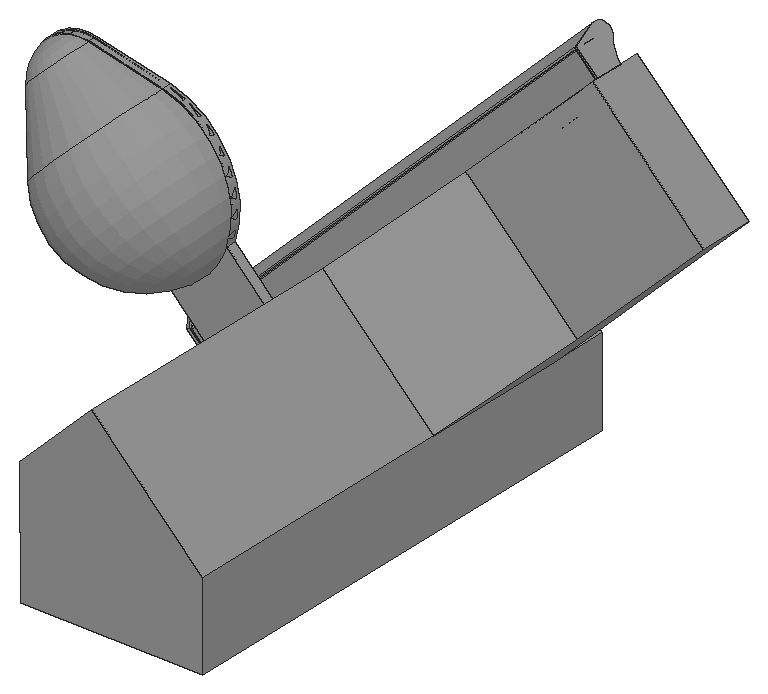
Revit family "Combination-Willoughby-ECW-1545-L-ON", category Plumbing Fixtures, Revit 2015
Parameters (values of type "Standard")
  Waste DIA [instance] = 2 3/8"
  Waste Connection = yes
  Waste-RAD [instance] = Waste DIA / 2  # 0' - 1 3/16"
  URL = "https://www.willoughby-ind.com/wp-content/uploads/2017/09/1545.pdf"
  Type Comments = ""
  Revision = "A"
  Flush Inlet Connection = yes
  Model = "ECW-1545-L-ON"
  Manufacturer = "Willoughby Industries"
  Left = yes
  Lav Waste DIA [instance] = 1 1/2"
  LAV Waste-RAD [instance] = Lav Waste DIA / 2  # 0' - 0 3/4"
  HW Connection = no
  Flush inlet DIA [instance] = 1 1/2"
  Flush Inlet-RAD [instance] = Flush inlet DIA / 2  # 0' - 0 3/4"
  Fixture Body = Stainless Steel AISI 304-Willoughby
  Description = "1545 Left Hand Orientation, Wall toilet waste outlet, On floor mounted"
  Default Elevation = 0' - 0"
  Contact Number = "(800) 428-4065"
  CW Connection = no
Reference planes (in)
  plane 1 "Center (Front/Back)": y = -16.25
  plane 2: z = 0
  plane 3 "Waste CL": x = 0
  plane 4 "Base": y = -16.25
  plane 5 "Seat height": y = 1.75
  plane 6 "Waste Hieght": y = -4.75
  plane 7 "Lwaste ht": y = 8
  plane 8 "flush inlet HT": y = 4.25
  plane 9 "Waste center": x = 0
  plane 10 "Fixture Height": y = 21.75
  plane 11: through (-5.56326, 0, 8.31174) normal (0.7071, 0, 0.7071)
  plane 12: through (-18.88655, 0, 21.63503) normal (0.7071, 0, 0.7071)
  plane 13: through (-11.21677, 0, 22.4617) normal (-0.7071, 0, 0.7071)
  plane 14: through (-17.12138, 0, 16.55709) normal (-0.7071, 0, 0.7071)
  plane 15: through (1.5625, 0, 6.3125) normal (0.7071, 0, -0.7071)
  plane 16: y = 16.75
  plane 17: y = 16.75
  plane 18 "Flush Inlet": x = 3.50178
  plane 19 "Center/LAV Waste": x = -1.37322
  plane 20: x = 6.12678
  plane 21: x = -8.87322
  plane 22 "Waste": x = -0.37322
Forms (in)
  Extrusion 1, solid, material "Stainless Steel AISI 304-Willoughby" <- "Fixture Body"
    sketch origin (1.68458, 10.5, 3.33616) x (-0.707107, 0, -0.707107) y (0.707107, 0, -0.707107)
      loop
        line (2.73402, -12.45225) -> (-3.39098, -12.45225) -> (-3.39098, -16.56851)
        arc (-3.39098, -16.56851) -> (-7.03711, -20.86448) -> (-6.33638, -26.45542) r 7
        line (-6.33638, -26.45542) -> (-3.2944, -31.31054)
        arc (-3.2944, -31.31054) -> (-0.32848, -32.95225) -> (2.63745, -31.31054) r 3.5
        line (2.63745, -31.31054) -> (5.67942, -26.45542)
        arc (5.67942, -26.45542) -> (6.38016, -20.86448) -> (2.73402, -16.56851) r 7
        line (2.73402, -16.56851) -> (2.73402, -12.45225)
      loop
        arc (3.91366, -24.70557) -> (-0.32848, -18.23804) -> (-4.57061, -24.70557) r 4.625
        line (-4.57061, -24.70557) -> (-2.16748, -30.23842)
        arc (-2.16748, -30.23842) -> (-0.32848, -31.45225) -> (1.51053, -30.23842) r 2
        line (1.51053, -30.23842) -> (3.91366, -24.70557)
    from 8.75 to 9.5
  Revolve 2, solid, material "Stainless Steel AISI 304-Willoughby" <- "Fixture Body", visible <- "Left"
    sketch origin (0.35963, 1.5, 6.62718) x (-0.707107, 0, -0.707107) y (0.707107, 0, -0.707107)
      loop
        line (1.06174, -12.59906) -> (1.06174, -12.84906)
        arc (1.06174, -12.84906) -> (6.96784, -16.33096) -> (6.78077, -23.18447) r 6.75
        line (6.78077, -23.18447) -> (3.81535, -27.91457)
        arc (3.81535, -27.91457) -> (2.63527, -29.03194) -> (1.06174, -29.43826) r 3.25
        line (1.06174, -29.43826) -> (1.06174, -29.68826)
        arc (1.06174, -29.68826) -> (2.75672, -29.25045) -> (4.02767, -28.04656) r 3.5
        line (4.02767, -28.04656) -> (7.06964, -23.19143)
        arc (7.06964, -23.19143) -> (7.15052, -16.14555) -> (1.06174, -12.59906) r 7
      axis (1.06174, -12.59906) -> (1.06174, -29.68826)
    angle from 0 to -180
  Extrusion 3, solid, material "Stainless Steel AISI 304-Willoughby" <- "Fixture Body"
    sketch origin (0, 21.75, -8.22682) x (1, 0, 0) y (0, 0, 1)
      loop
        line (4.35089, 8.22682) -> (4.35089, 14.86886) -> (-4.13526, 23.35501) -> (-19.26346, 8.22682) -> (4.35089, 8.22682)
    from 0 to 8
  Extrusion 4, solid, material "Stainless Steel AISI 304-Willoughby" <- "Fixture Body"
    sketch origin (-14.57379, 17.75, 0.36891) x (1, 0, 0) y (0, 0, 1)
      loop
        line (33.4941, 20.84255) -> (25.00882, 29.32784) -> (10.4394, 14.75842) -> (18.92468, 6.27313) -> (33.4941, 20.84255)
      loop
        arc (25.93339, 27.1733) -> (25.22628, 27.46619) -> (24.51917, 27.1733) r 1
        line (24.51917, 27.1733) -> (14.52755, 17.18168)
        arc (14.52755, 17.18168) -> (14.23466, 16.47457) -> (14.52755, 15.76747) r 1
        line (14.52755, 15.76747) -> (19.88229, 10.41273)
        arc (19.88229, 10.41273) -> (20.5894, 10.11984) -> (21.29651, 10.41273) r 1
        line (21.29651, 10.41273) -> (31.28812, 20.40435)
        arc (31.28812, 20.40435) -> (31.58102, 21.11145) -> (31.28812, 21.81856) r 1
        line (31.28812, 21.81856) -> (25.93339, 27.1733)
    from 0.25 to 4
  Extrusion 5, solid, material "Stainless Steel AISI 304-Willoughby" <- "Fixture Body"
    sketch origin (0, 15.25, 5.38846) x (1, 0, 0) y (0, 0, 1)
      loop
        line (-9.58406, -5.38846) -> (4.35089, -5.38846) -> (4.35089, 1.25359) -> (-4.13439, 9.73887) -> (-9.58406, 4.2892) -> (-9.58406, -5.38846)
    from 1.5 to 31.5
  Extrusion 6, solid, material "Stainless Steel AISI 304-Willoughby" <- "Fixture Body"
    sketch origin (-12.34107, 46.33187, 6.92065) x (0, 1, 0) y (0.707107, 0, 0.707107)
      loop
        line (-32.58187, 11.60599) -> (-32.58187, 32.21026) -> (-33.08187, 32.21026) -> (-34.30788, 19.96026) -> (-40.60327, 11.60599) -> (-32.58187, 11.60599)
    from 0 to 12
  Extrusion 7, solid, material "Stainless Steel AISI 304-Willoughby" <- "Fixture Body"
    sketch origin (1.14448, 0.08175, 0) x (1, 0, 0) y (0, 1, 0)
      loop
        circle (-3.29359, -4.83175) r 1.1875
    from 0 to -3
  Extrusion 8, solid, material "Stainless Steel AISI 304-Willoughby" <- "Fixture Body"
    sketch origin (0, 0, 0) x (1, 0, 0) y (0, 1, 0)
      loop
        circle (1.72589, 4.25) r 0.75
    from 0 to 1
  Extrusion 9, solid, material "Stainless Steel AISI 304-Willoughby" <- "Fixture Body"
    sketch origin (0, 0, 0) x (1, 0, 0) y (0, 1, 0)
      loop
        circle (-2.61659, 8) r 0.75
    from -3 to 1
  Extrusion 10, solid, material "Stainless Steel AISI 304-Willoughby" <- "Fixture Body"
    sketch origin (-13.99064, -32.65143, -5.27282) x (0, 1, 0) y (-0.707107, 0, 0.707107)
      loop
        line (50.50143, 7.45689) -> (50.50143, 9.7067)
        arc (50.50143, 9.7067) -> (49.48517, 11.24673) -> (47.66956, 10.91802) r 1.675
        line (47.66956, 10.91802) -> (46.40143, 9.70689) -> (46.40143, 7.45689) -> (50.50143, 7.45689)
    from 0 to 0.25
  Extrusion 11, solid, material "Stainless Steel AISI 304-Willoughby" <- "Fixture Body"
    sketch origin (27.44804, -0.074, 12.33018) x (0, 1, 0) y (-0.707107, 0, 0.707107)
      loop
        arc (16.79803, 26.04907) -> (16.88129, 26.96339) -> (16.01706, 27.27326) r 0.75001
        line (16.01706, 27.27326) -> (13.87902, 26.57803) -> (13.87902, 24.31003) -> (15.99202, 24.31003)
        arc (15.99202, 24.31003) -> (16.25673, 25.24365) -> (16.79803, 26.04907) r 3.089
    from 0 to 0.25
  Sweep 12, solid, material "Stainless Steel AISI 304-Willoughby" <- "Fixture Body"
    path origin (0, 16.68413, 5.38672) x (1, 0, 0) y (0, 0, 1)
      loop
        line (8.66726, 25.72424) -> (-20.67767, -3.62069)
    profile origin (-6.0052, 16.68413, 16.4385) x (0.707107, 0, -0.707107) y (0, -1, 0)
      loop
        circle (-0.00104, 0.50913) r 0.75
  Extrusion 13, solid, material "Stainless Steel AISI 304-Willoughby" <- "Fixture Body"
    sketch origin (27.91549, -5.16123, 11.86274) x (0, 1, 0) y (-0.707107, 0, 0.707107)
      loop
        line (18.96625, 24.97233) -> (19.08525, 24.97233) -> (19.08525, 27.03833)
        arc (19.08525, 27.03833) -> (19.12186, 27.12672) -> (19.21025, 27.16333) r 0.125
        line (19.21025, 27.16333) -> (20.58525, 27.16333) -> (20.58525, 27.28233) -> (19.21025, 27.28233)
        arc (19.21025, 27.28233) -> (19.03771, 27.21086) -> (18.96625, 27.03833) r 0.244
        line (18.96625, 27.03833) -> (18.96625, 24.97233)
    from -41.49877 to 0
Cuts and joins
  joined: Extrusion 3, Extrusion 4, Extrusion 5, Extrusion 6
Lines and regions (in)
  symbolic lines
    curve 1: line (0, 21.75, -0.0055) -> (0, 21.75, 10.875)
    curve 2: line (0, 21.75, 10.875) -> (0, 17.75, 10.875)
    curve 3: line (0, 17.75, 10.875) -> (0, 17.75, 24.13325)
    curve 4: line (0, 17.75, 24.13325) -> (0, 17.47165, 26.11379)
    curve 5: arc (0, 17.47165, 26.11379) -> (0, 16.76652, 26.46196) -> (0, 16.06139, 26.11379) r 0.88812
    curve 6: line (0, 16.06139, 26.11379) -> (0, 14.75, 24.31003)
    curve 7: line (0, 14.75, 24.31003) -> (0, 13.25, 24.31003)
    curve 8: line (0, 13.25, 24.31003) -> (0, 12.02399, 15.64797)
    curve 9: line (0, 12.02399, 15.64797) -> (0, 6.9375, 10.875)
    curve 10: line (0, 6.9375, 10.875) -> (0, 1.75, 10.875)
    curve 11: line (0, 1, 6.14622) -> (0, 1.75, 6.14622)
    curve 12: line (0, 1.75, 6.14622) -> (0, 1.75, 23.83255)
    curve 13: line (0, 1.75, 23.83255) -> (0, 1, 23.83255)
    curve 14: arc (0, 1, 23.83255) -> (0, 0.03369, 23.53261) -> (0, -0.79759, 22.95581) r 3.32336
    curve 15: line (0, -0.79759, 22.95581) -> (0, -3.43907, 20.6596)
    curve 16: arc (0, -3.43907, 20.6596) -> (0, -3.96286, 20.06535) -> (0, -4.41275, 19.41336) r 6.69163
    curve 17: arc (0, -4.41275, 19.41336) -> (0, -4.96012, 18.33682) -> (0, -5.34188, 17.19104) r 8.1253
    curve 18: line (0, -5.34188, 17.19104) -> (0, -5.84188, 17.19104)
    curve 19: arc (0, -5.84188, 17.19104) -> (0, -7.27582, 16.97673) -> (0, -8.58445, 16.35255) r 4.90452
    curve 20: arc (0, -8.58445, 16.35255) -> (0, -9.23236, 15.74836) -> (0, -9.66186, 14.97353) r 2.83156
    curve 21: line (0, -9.66186, 14.97353) -> (0, -9.77082, 10.8879)
    curve 22: line (0, -9.77082, 10.8879) -> (0, -9.77082, 7.42785)
    curve 23: line (0, -9.77082, 7.42785) -> (0, 1, 7.42785)
    curve 24: line (0, 1, 7.42785) -> (0, 1, 6.14622)
    curve 25: line (0, -9.77082, 10.8879) -> (0, -16.27082, 10.8879)
    curve 26: line (0, -16.27082, 10.8879) -> (0, -16.27082, -0.0055)
    curve 27: line (0, -16.27082, -0.0055) -> (0, 21.75, -0.0055)
    curve 28: arc (0, -5.34188, 17.19104) -> (0, -4.0759, 11.51383) -> (0, 1, 8.67328) r 7.12289
    curve 29: line (0, 1, 8.67328) -> (0, 1, 7.42785)
Dimensions and locks (in)
  plane 5 "Seat height" to plane 4 "Base" = 1' - 6"  (x2)
  locked: Extrusion 1 to Extrusion 1 at 0.75
  plane 6 "Waste Hieght" to plane 4 "Base" = 0' - 11 1/2"
  plane 7 "Lwaste ht" to plane 4 "Base" = 2' - 0 1/4"
  plane 8 "flush inlet HT" to plane 4 "Base" = 1' - 8 1/2"
  locked: plane 5 "Seat height" to Revolve 2 at 0.25
  plane 21 to plane 20 = 1' - 3"
  plane 18 "Flush Inlet" to plane 20 = 0' - 2 5/8"  (x2)
  plane 19 "Center/LAV Waste" to plane 20 = 0' - 7 1/2"
  plane 19 "Center/LAV Waste" to plane 18 "Flush Inlet" = 0' - 4 7/8"
  plane 22 "Waste" to plane 20 = 0' - 6 1/2"
  cut or joined group of Extrusion 3, Extrusion 4, Extrusion 5, Extrusion 6 to plane 4 "Base" = 2' - 9 3/4"
  plane 10 "Fixture Height" to plane 4 "Base" = 3' - 2"
  "Waste-RAD": radius of Extrusion 7 sketch curve
  "Flush Inlet-RAD": radius of Extrusion 8 sketch curve
  "LAV Waste-RAD": radius of Extrusion 9 sketch curve
  aligned and locked: Extrusion 1 to plane 5 "Seat height"
  aligned and locked: plane 3 "Waste CL" to plane 9 "Waste center"
  aligned and locked: plane 12 to plane 11
  aligned and locked: plane 14 to plane 13
  aligned and locked: plane 8 "flush inlet HT" to Extrusion 8 sketch curve
  aligned and locked: plane 7 "Lwaste ht" to Extrusion 9 sketch curve
  aligned and locked: plane 6 "Waste Hieght" to Extrusion 7 sketch curve
  aligned and locked: Extrusion 5 to Extrusion 3
  aligned and locked: Extrusion 3 to Extrusion 5  (x2)
  aligned and locked: Extrusion 4 to Extrusion 3
  aligned and locked: Extrusion 7 to Extrusion 9
Automatic sketch dimensions
  Revolve 2 sketch curve to Revolve 2 sketch curve = 0' - 0"  (x6)
  Revolve 2 sketch curve to Revolve 2 sketch curve = 0' - 0.21232"
  Revolve 2 sketch curve to Revolve 2 sketch curve = 0' - 2.96542"
  Revolve 2 sketch curve to Revolve 2 sketch curve = 0' - 0.28887"
  Revolve 2 sketch curve to plane 3 "Waste CL" = 1' - 9.38391"
  Revolve 2 sketch curve to Revolve 2 sketch curve = 0' - 0 1/4"
  Revolve 2 sketch curve to Revolve 2 sketch curve = 0' - 1.3917"
  Revolve 2 sketch curve to Revolve 2 sketch curve = 0' - 0.13199"
  Revolve 2 sketch curve to Revolve 2 sketch curve = 0' - 4.85513"
  Revolve 2 sketch curve to Revolve 2 sketch curve = 0' - 0.00696"
  Revolve 2 sketch curve to Revolve 2 sketch curve = 0' - 3 1/4"
  Revolve 2 sketch curve to Revolve 2 sketch curve = 0' - 3.3392"
  Revolve 2 sketch curve to Revolve 2 sketch curve = 0' - 2.4108"
  Extrusion 4 sketch curve to plane 3 "Waste CL" = 0' - 4.13439"
  Extrusion 4 sketch curve to plane 3 "Waste CL" = 0' - 0.04623"  (x2)
  plane 3 "Waste CL" to Extrusion 4 sketch curve = 0' - 0.66087"
  plane 3 "Waste CL" to Extrusion 4 sketch curve = 0' - 5.3085"
  level to Extrusion 4 sketch curve = 0' - 6.64205"
  Extrusion 4 sketch curve to Extrusion 4 sketch curve = 0' - 0.95761"
  Extrusion 4 sketch curve to Extrusion 4 sketch curve = 0' - 0.70711"  (x10)
  plane 3 "Waste CL" to Extrusion 4 sketch curve = 0' - 9.94538"
  Extrusion 4 sketch curve to Extrusion 4 sketch curve = 0' - 0.92457"
  Extrusion 4 sketch curve to Extrusion 4 sketch curve = 0' - 2.91308"
  Extrusion 4 sketch curve to Extrusion 4 sketch curve = 0' - 4.1396"
  Extrusion 4 sketch curve to Extrusion 4 sketch curve = 0' - 5.35474"
  Extrusion 4 sketch curve to Extrusion 4 sketch curve = 0' - 1.00905"
  Extrusion 4 sketch curve to Extrusion 4 sketch curve = 0' - 0.43821"
  Extrusion 4 sketch curve to Extrusion 4 sketch curve = 0' - 2.86164"
  level to Revolve 2 sketch curve = 2' - 0.39432"
  Revolve 2 sketch curve to plane 3 "Waste CL" = 1' - 6.90903"
  Extrusion 6 sketch curve to plane 1 "Center (Front/Back)" = 1' - 9.97859"
  Extrusion 6 sketch curve to Extrusion 6 sketch curve = 0' - 1.22601"
  Extrusion 6 sketch curve to Extrusion 6 sketch curve = 0' - 0 1/2"
  Extrusion 6 sketch curve to Extrusion 6 sketch curve = 1' - 0 1/4"
  Extrusion 6 sketch curve to Extrusion 6 sketch curve = 0' - 6.2954"
  Extrusion 6 sketch curve to Extrusion 6 sketch curve = 0' - 8.35427"
  plane 11 to Extrusion 6 sketch curve = 0' - 5.82971"
  curve 12 to plane 5 "Seat height" = 0' - 0"
  curve 2 to plane 10 "Fixture Height" = 0' - 0"
  plane 5 "Seat height" to curve 28 = 0' - 0.11267"
  plane 5 "Seat height" to curve 14 = 0' - 0.25945"
  curve 16 to curve 28 = 0' - 0.32711"
  curve 13 to curve 12 = 0' - 0 3/4"
  plane 5 "Seat height" to curve 23 = 0' - 0 3/4"
  curve 15 to curve 13 = 0' - 1.79759"
  plane 6 "Waste Hieght" to curve 15 = 0' - 1.31093"
  curve 18 to plane 6 "Waste Hieght" = 0' - 0.59188"
  curve 18 to curve 17 = 0' - 0 1/2"
  curve 20 to curve 19 = 0' - 1.15918"
  curve 21 to curve 20 = 0' - 2.6608"
  curve 21 to curve 20 = 0' - 0.10895"
  plane 1 "Center (Front/Back)" to curve 25 = 0' - 0.02082"
  curve 17 to plane 5 "Seat height" = 0' - 0.78635"
  curve 9 to plane 7 "Lwaste ht" = 0' - 1 1/16"
  plane 7 "Lwaste ht" to curve 8 = 0' - 4.02399"
  curve 7 to plane 16 = 0' - 3 1/2"
  curve 7 to curve 6 = 0' - 1 1/2"
  curve 6 to plane 16 = 0' - 0.68861"
  plane 16 to curve 5 = 0' - 0.01652"
  plane 16 to curve 4 = 0' - 0.72165"
  plane 16 to curve 3 = 0' - 1"
  curve 27 to level = 0' - 0.0055"
  level to curve 24 = 0' - 6.14622"
  level to curve 23 = 0' - 7.42785"
  level to curve 2 = 0' - 10 7/8"
  curve 23 to curve 9 = 0' - 3.44715"
  curve 22 to curve 21 = 0' - 3.46005"
  curve 21 to curve 19 = 0' - 1.39862"
  curve 19 to curve 20 = 0' - 1.71856"
  curve 20 to curve 21 = 0' - 0.96845"
  curve 10 to curve 17 = 0' - 4.3276"
  curve 9 to curve 8 = 0' - 4.77297"
  curve 17 to curve 28 = 0' - 0.565"
  curve 28 to curve 16 = 0' - 0.17797"
  curve 20 to curve 18 = 0' - 0.83849"
  curve 16 to curve 14 = 0' - 4.60003"
  curve 17 to curve 15 = 0' - 1.24625"
  curve 14 to curve 15 = 0' - 2.41021"
  curve 8 to curve 4 = 0' - 8.48528"
  curve 3 to curve 7 = 0' - 0.17678"
  curve 3 to curve 5 = 0' - 1.44058"
  curve 5 to curve 4 = 0' - 0.53995"
  Extrusion 3 sketch curve to level = 0' - 0"
  plane 21 to Extrusion 3 sketch curve = 0' - 10.39024"
  plane 19 "Center/LAV Waste" to Extrusion 3 sketch curve = 0' - 2.76204"
  plane 20 to Extrusion 3 sketch curve = 0' - 1.77589"
  level to Extrusion 3 sketch curve = 0' - 6.64205"
  Extrusion 10 sketch curve to plane 16 = 0' - 3"
  Extrusion 10 sketch curve to Extrusion 10 sketch curve = 0' - 1.26814"
  Extrusion 10 sketch curve to Extrusion 10 sketch curve = 0' - 1.15686"
  plane 16 to Extrusion 10 sketch curve = 0' - 1.1"
  Extrusion 10 sketch curve to plane 13 = 0' - 10.19295"
  Extrusion 10 sketch curve to Extrusion 10 sketch curve = 0' - 2.24981"
  Extrusion 10 sketch curve to Extrusion 10 sketch curve = 0' - 1.21113"
  Extrusion 11 sketch curve to plane 16 = 0' - 2.94498"
  Extrusion 11 sketch curve to plane 16 = 0' - 0.83198"
  Extrusion 11 sketch curve to plane 16 = 0' - 0.80694"
  Extrusion 11 sketch curve to Extrusion 11 sketch curve = 0' - 0.23193"
  plane 16 to Extrusion 11 sketch curve = 0' - 2.23534"
  Extrusion 11 sketch curve to plane 13 = 0' - 10.55953"
  Extrusion 11 sketch curve to Extrusion 11 sketch curve = 0' - 0.36534"
  Extrusion 11 sketch curve to Extrusion 11 sketch curve = 0' - 2 1/4"
  Extrusion 11 sketch curve to Extrusion 11 sketch curve = 0' - 2.268"
  Extrusion 11 sketch curve to Extrusion 11 sketch curve = 0' - 0.71325"
  level to Sweep 12 sketch curve = 0' - 1.76603"
  plane 21 to Sweep 12 sketch curve = 0' - 11.80445"
  Sweep 12 sketch curve to plane 20 = 0' - 2.54048"
  level to Sweep 12 sketch curve = 2' - 7.11096"
  profile plane to Sweep 12 sketch curve = 0' - 0.00104"
  profile plane to Sweep 12 sketch curve = 0' - 0.50913"
  Extrusion 13 sketch curve to Extrusion 13 sketch curve = 0' - 0"  (x2)
  Extrusion 13 sketch curve to plane 16 = 0' - 2.94498"
  Extrusion 13 sketch curve to Extrusion 13 sketch curve = 0' - 0.119"
  Extrusion 13 sketch curve to Extrusion 13 sketch curve = 0' - 0 1/8"
  Extrusion 13 sketch curve to Extrusion 13 sketch curve = 0' - 1 3/8"
  Extrusion 13 sketch curve to plane 13 = 0' - 10.19295"
  Extrusion 13 sketch curve to Extrusion 13 sketch curve = 0' - 2.066"
  Extrusion 1 sketch curve to Extrusion 1 sketch curve = 0' - 0"  (x6)
  plane 13 to Extrusion 1 sketch curve = 0' - 3.80899"
  plane 11 to Extrusion 1 sketch curve = 0' - 7.94311"
  plane 13 to Extrusion 1 sketch curve = 0' - 2.05914"
  Extrusion 1 sketch curve to Extrusion 1 sketch curve = 0' - 1.76576"
  plane 11 to Extrusion 1 sketch curve = 0' - 4.99771"
  Extrusion 1 sketch curve to Extrusion 1 sketch curve = 0' - 3.04197"
  Extrusion 1 sketch curve to Extrusion 1 sketch curve = 0' - 1.12693"
  Extrusion 1 sketch curve to Extrusion 1 sketch curve = 0' - 1.839"
  plane 13 to Extrusion 1 sketch curve = 0' - 0.21661"
  plane 11 to Extrusion 1 sketch curve = 0' - 1.93521"
  plane 11 to Extrusion 1 sketch curve = 0' - 0.09621"
  Extrusion 1 sketch curve to plane 11 = 0' - 1.03072"
  Extrusion 1 sketch curve to plane 11 = 0' - 1.12729"
  Extrusion 1 sketch curve to plane 11 = 0' - 2.30692"
  Extrusion 1 sketch curve to plane 11 = 0' - 4.07269"
  Extrusion 1 sketch curve to Extrusion 1 sketch curve = 0' - 1.74985"
  Extrusion 1 sketch curve to Extrusion 1 sketch curve = 0' - 4.74668"
  Extrusion 1 sketch curve to Extrusion 1 sketch curve = 0' - 0.78617"
  Extrusion 1 sketch curve to Extrusion 1 sketch curve = 0' - 1.07212"
  Extrusion 1 sketch curve to Extrusion 1 sketch curve = 0' - 4.11627"
  Extrusion 5 sketch curve to level = 0' - 0"
  plane 21 to Extrusion 5 sketch curve = 0' - 0.71084"
  plane 19 "Center/LAV Waste" to Extrusion 5 sketch curve = 0' - 2.76117"
  plane 18 "Flush Inlet" to Extrusion 5 sketch curve = 0' - 0.84911"
  Extrusion 5 sketch curve to Extrusion 5 sketch curve = 0' - 6.64205"
  Extrusion 5 sketch curve to Extrusion 5 sketch curve = 0' - 9.67766"
  plane 22 "Waste" to Extrusion 7 sketch curve = 0' - 1.77589"
  plane 3 "Waste CL" to Extrusion 8 sketch curve = 0' - 1.72589"
  plane 19 "Center/LAV Waste" to Extrusion 9 sketch curve = 0' - 1.24337"
  radius of Sweep 12 sketch curve = 0' - 0 3/4"
Connectors (in)
  piping at (-2.14911, -4.75, -3), diameter 2.375, driven by "Waste-RAD", driven by "Waste Connection"
    settings: on Extrusion 7, index 1, connector inside diameter 2 1/4", connector length 0' - 0", flow factor 0, pipe flow 0 GPM, pressure drop 0.00 psi, fitting loss kfactor 0, connector angle 0.00°, fixture units 0, engagement length 0' - 0", angle of deflection 0.00°, flow configuration 0, flow direction 2, fitting loss method 0, system type 16, joint type 0, gender type 0, connector reference index -1, connector utility 1, adjustable connector yes, is connector primary yes, connector description "Toilet Waste"
  piping at (-2.14911, -4.75, -3), diameter 2.375, driven by "Waste-RAD", driven by "Waste Connection"
    settings: on Extrusion 7, index 6, connector inside diameter 24", connector length 0' - 0", flow factor 0, pipe flow 1.28 GPM, pressure drop 0.00 psi, fitting loss kfactor 0, connector angle 0.00°, fixture units 0, engagement length 0' - 0", angle of deflection 0.00°, flow configuration 0, flow direction 2, fitting loss method 0, system type 16, joint type 0, gender type 0, connector reference index -1, connector utility 1, adjustable connector no, is connector primary no, connector description "Toilet Waste"
  piping at (1.72589, 4.25, 0), diameter 1.5, driven by "Flush Inlet-RAD"
    settings: on Extrusion 8, index 8, connector inside diameter 24", connector length 0' - 0", flow factor 0, pipe flow 0 GPM, pressure drop 0.00 psi, fitting loss kfactor 0, connector angle 0.00°, fixture units 0, engagement length 0' - 0", angle of deflection 0.00°, flow configuration 0, flow direction 0, fitting loss method 0, system type 7, joint type 0, gender type 0, connector reference index -1, connector utility 0, adjustable connector no, is connector primary no, connector description ""
  piping at (-2.61659, 8, -3), diameter 1.5, driven by "LAV Waste-RAD"
    settings: on Extrusion 9, index 9, connector inside diameter 24", connector length 0' - 0", flow factor 0, pipe flow 0 GPM, pressure drop 0.00 psi, fitting loss kfactor 0, connector angle 0.00°, fixture units 0, engagement length 0' - 0", angle of deflection 0.00°, flow configuration 0, flow direction 0, fitting loss method 0, system type 7, joint type 0, gender type 0, connector reference index -1, connector utility 0, adjustable connector no, is connector primary no, connector description ""
